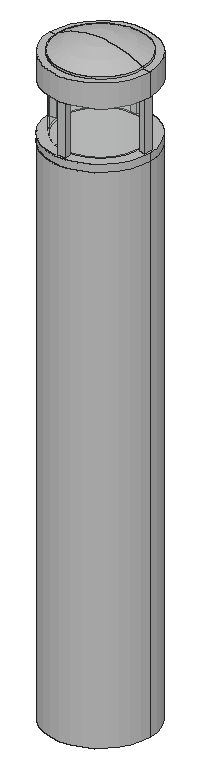
Revit family "Pavilion Round", category Lighting Fixtures, host Face, Revit 2021
Family settings
  Host = Face
  Round Connector Dimension = Use Diameter
  Part Type = Normal
  OmniClass Number = 23.80.70.14.21
  OmniClass Title = Street and Roadway Lighting
  Cut with Voids When Loaded = No
  Light Source = Yes
  Shared = No
  Room Calculation Point = No
Parameters (values of type "PA7R-CH1-12L-020-5K7")
  Wattage Comments = ""
  Wattage = 22 W
  Watt = 22 W
  built-in parameter 1150110 = 1 (stored number, unit not read)
  Voltage = 120 V
  URL = "https://www.currentlighting.com/kimlighting"
  built-in parameter 1114217 = 1 (stored number, unit not read)
  Tilt Angle = 90.00°
  built-in parameter 1150109 = 1 (stored number, unit not read)
  built-in parameter 1150134 = 2
  built-in parameter 1150113 = 1 (stored number, unit not read)
  Product Page URL = ""
  Product Documentation Link = ""
  Power Factor = 1
  Photometric Web File = "PA7R-CH1-12L-020-5K7.IES"
  Photometric Note = "More IES files download in the Photometric Web link"  # constant formula
  Optics = "Clear Horizontal Lens"
  Model = "Pavilion Round"  # constant formula
  Manufacturer = "KIM Lighting"  # constant formula
  built-in parameter 1150105 = 159.31 (stored number, unit not read)
  Lumens = 2002 lm
  built-in parameter 1150115 = 1 (stored number, unit not read)
  Load Classification = Lighting
  built-in parameter 1150137 = (empty or 0)
  built-in parameter 1150139 = (empty or 0)
  Light Engine = "22W (2000 nominal lm), 5000K, 70 CRI"
  Lens Material = Glass
  built-in parameter 1150112 = 1 (stored number, unit not read)
  built-in parameter 1150114 = 1 (stored number, unit not read)
  Lamp = "LED"  # constant formula
  built-in parameter 1150132 = (empty or 0)
  built-in parameter 1150102 = (empty or 0)
  built-in parameter 1150107 = 5000 (stored number, unit not read)
  built-in parameter 1150138 = (empty or 0)
  built-in parameter 1150106 = 1.5931 (stored number, unit not read)
  Is Flat Top [instance] = not(Is Crowned Top)  # no
  Fixture Finish = Color : Light Gray
  Emit from Circle Diameter = 5.00"  # constant formula
  Emit Shape Visible in Rendering = no
  built-in parameter 1150104 = 8.4542 (stored number, unit not read)
  Distribution = "Type I"
  Dimming Lamp Color Temperature Shift = <None>
  Description = "Pavilion redefines the bollard category with state of the art design, performance, and technology."  # constant formula
  Default Elevation = 48.00"
  Is Crowned Top [instance] = yes
  Contact us = ""
  Color Filter = 16777215
  built-in parameter 1114218 = 1 (stored number, unit not read)
  built-in parameter 1150133 = 10 (stored number, unit not read)
  Apparent Load = Watt / Power Factor  # 22 VA
Types (6): name | Photometric Web File | Optics | built-in parameter 1150105 | Lumens | Lens Material | built-in parameter 1150106 | built-in parameter 1150104 | Distribution
  (no name) | "PA7R-CH1-12L-020-5K7.IES" | "Clear Horizontal Lens" | 159.31 (stored number, unit not read) | 2002 lm | Glass | 1.5931 (stored number, unit not read) | 8.4542 (stored number, unit not read) | "Type I"
  PA7R-GC4-12L-020-5K7 | "PA7R-GC4-12L-020-5K7.IES" | "Grill with clear vertical lens" | -1174535.1 (stored number, unit not read) | 1166 lm | Glass | -11745.4 (stored number, unit not read) | 4.9239 (stored number, unit not read) | "Type IV"
  PA7R-GD5-12L-020-5K7 | "PA7R-GD5-12L-020-5K7.IES" | "Grill with diffuse vertical lens" | 85.785 (stored number, unit not read) | 1078 lm | White Glass | 0.85785 (stored number, unit not read) | 4.5522 (stored number, unit not read) | "Type V"
  PA7R-GC3-12L-020-5K7 | "PA7R-GC3-12L-020-5K7.IES" | "Grill with clear vertical lens" | 92.787 (stored number, unit not read) | 1166 lm | Glass | 0.92787 (stored number, unit not read) | 4.9239 (stored number, unit not read) | "Type III"
  PA7R-CL2-12L-020-5K7 | "PA7R-CL2-12L-020-5K7.IES" | "Clear Vertical Lens" | 178.57 (stored number, unit not read) | 2244 lm | Glass | 1.7857 (stored number, unit not read) | 9.4761 (stored number, unit not read) | "Type II"
  PA7R-CH1-12L-020-5K7 | "PA7R-CH1-12L-020-5K7.IES" | "Clear Horizontal Lens" | 159.31 (stored number, unit not read) | 2002 lm | Glass | 1.5931 (stored number, unit not read) | 8.4542 (stored number, unit not read) | "Type I"
Reference planes (in)
  plane 1 "Center (Front/Back)": y = 0
  plane 2: z = 0
  plane 3 "Center (Left/Right)": x = 0
Dimensions and locks (in)
  aligned and locked: plane 2 to host face
  aligned and locked: level to host face
  aligned and locked: plane 3 "Center (Left/Right)" to imposter light
  aligned and locked: imposter light to plane 1 "Center (Front/Back)"
  aligned and locked: plane 3 "Center (Left/Right)" to nested 1
  aligned and locked: plane 1 "Center (Front/Back)" to nested 1
Nested families (in)
  nested 1: "Color" at (0, 0, 0), type <- "Fixture Finish", Lens Filter <- "Lens Material", Crowned Top <- "Is Crowned Top", type "Light Gray"
    with Lens Filter Glass, Lens yes, Grill no, Flat Top no, Crowned Top yes
Connectors (in)
  electrical at (0, 0, 0), driven by "Voltage", driven by "Description", driven by "Load Classification", driven by "Apparent Load", driven by "Power Factor"
    settings: on nested 1, index 1, voltage 120 V, apparent load 22 VA, apparent load phase1 0 VA, apparent load phase2 0 VA, apparent load phase3 0 VA, power factor 1, load classification "Lighting", number of poles 1, system type 30, power factor state 1, is connector primary yes, connector utility no, sub classification motor no, connector description "Pavilion redefines the bollard category with state of the art design, performance, and technology."
Definition of nested family "Color"
  Parameters
    Wattage Comments = ""
    Voltage = 0 V
    URL = ""
    Product Page URL = ""
    Product Material = none
    Product Documentation Link = ""
    Model = ""
    Manufacturer Phone = ""
    Manufacturer = ""
    Lens Filter [instance] = none
    Lamp = ""
    Grill [instance] = yes
    Flat Top [instance] = not(Crowned Top)  # yes
    Dual Reflector with Cone = no
    Lens [instance] = yes
    Description = ""
    Default Elevation = 48.00"
    Crowned Top [instance] = no
    Certifications = ""
    Apparent Load = 0 VA
  Reference planes (in)
    plane 1 "Center (Front/Back)": y = 0
    plane 2: z = 0
    plane 3 "Center (Left/Right)": x = 0
    plane 4: z = 40
    plane 5: z = 36
    plane 6: z = 38
    plane 7: x = -3.5
    plane 8: x = 3.5
    plane 9: x = -3
    plane 10: x = 3
    plane 11: z = 41.7
    plane 12: z = 42.5
    plane 13: z = 36.5
  Forms (in)
    Extrusion 1, solid
      sketch origin (0, 0, 0) x (1, 0, 0) y (0, 1, 0)
        loop
          line (-48, 48) -> (-48, -48) -> (48, -48) -> (48, 48) -> (-48, 48)
      from 0 to -12
    Extrusion 2, solid, material <- "Product Material"
      sketch origin (0, 0, 0) x (1, 0, 0) y (0, 1, 0)
        loop
          circle (0, 0) r 3.5
      from 0 to 36
    Revolve 3, solid, material <- "Product Material"
      sketch origin (0, 0, 0) x (1, 0, 0) y (0, 0, 1)
        loop
          line (3, 41.58082) -> (3, 41.7) -> (0, 41.7) -> (0, 40) -> (3.5, 40) -> (3.5, 41.58082) -> (3, 41.58082)
        axis (0, 41.7) -> (0, 40)
      angle from 0 to 360
    Revolve 4, solid, material <- "Product Material", visible <- "Crowned Top"
      sketch origin (0, 0, 0) x (1, 0, 0) y (0, 0, 1)
        loop
          line (0, 41.7) -> (3, 41.7)
          arc (3, 41.7) -> (1.55242, 42.29657) -> (0, 42.5) r 6.025
          line (0, 42.5) -> (0, 41.7)
        axis (0, 42.5) -> (0, 41.7)
      angle from 0 to 360
    Extrusion 5, solid, material <- "Product Material"
      sketch origin (0, 0, 0) x (1, 0, 0) y (0, 1, 0)
        loop
          line (-0.28555, 3.34905) -> (-0.20591, 2.89739) -> (0.20591, 2.89739) -> (0.28555, 3.34905) -> (-0.28555, 3.34905)
        loop
          line (-0.28555, -3.34905) -> (0.28555, -3.34905) -> (0.20591, -2.89739) -> (-0.20591, -2.89739) -> (-0.28555, -3.34905)
        loop
          line (-3.34905, -0.28555) -> (-2.89739, -0.20591) -> (-2.89739, 0.20591) -> (-3.34905, 0.28555) -> (-3.34905, -0.28555)
        loop
          line (3.34905, -0.28555) -> (3.34905, 0.28555) -> (2.89739, 0.20591) -> (2.89739, -0.20591) -> (3.34905, -0.28555)
      from 36.5 to 40
    Extrusion 6, void
      sketch origin (0, 0, 0) x (1, 0, 0) y (0, 1, 0)
        loop
          circle (0, 0) r 2.62772
      from 40 to 40.35958
    Extrusion 7, solid, material <- "Lens Filter"
      sketch origin (0, 0, 0) x (1, 0, 0) y (0, 1, 0)
        loop
          circle (0, 0) r 2.62772
      from 40.05282 to 40.13021
    Extrusion 8, solid, material <- "Lens Filter", visible <- "Lens"
      sketch origin (0, 0, 0) x (1, 0, 0) y (0, 1, 0)
        loop
          circle (0, 0) r 2.8479
        loop
          circle (0, 0) r 2.75
      from 36.5 to 40
    Extrusion 9, solid, material <- "Product Material"
      sketch origin (0, 0, 0) x (1, 0, 0) y (0, 1, 0)
        loop
          circle (0, 0) r 3.5
      from 36 to 36.5
    Revolve 10, solid, material <- "Product Material", visible <- "Grill"
      sketch origin (0, 0, 0) x (1, 0, 0) y (0, 0, 1)
        loop
          line (3, 39.49953) -> (3, 39.34262) -> (3.25, 39.34262) -> (3.25, 39.49953) -> (3, 39.49953)
        loop
          line (3, 38.43703) -> (3, 38.28012) -> (3.25, 38.28012) -> (3.25, 38.43703) -> (3, 38.43703)
        loop
          line (3, 37.30972) -> (3, 37.15281) -> (3.25, 37.15281) -> (3.25, 37.30972) -> (3, 37.30972)
        axis (0, 39.49953) -> (0, 37.15281)
      angle from 0 to 360
  Cuts and joins
    Extrusion 6 cuts Extrusion 2
    Extrusion 6 cuts Revolve 3
  Dimensions and locks (in)
    locked: plane 4 to plane 5 at 4
    equal spacing: plane 4, plane 6, plane 5
    equal spacing: plane 7, plane 3 "Center (Left/Right)", plane 8
    equal spacing: plane 9, plane 3 "Center (Left/Right)", plane 10
    plane 5 to level = 36.00"
    plane 11 to plane 5 = 5.70"
    plane 12 to plane 5 = 6.50"
    locked: plane 13 to plane 5 at 0.5
    aligned and locked: plane 2 to Extrusion 1
    aligned and locked: level to Extrusion 1
    aligned and locked: plane 5 to Extrusion 2
    aligned and locked: Extrusion 2 to level
    aligned and locked: plane 3 "Center (Left/Right)" to Extrusion 2 sketch curve
    aligned and locked: plane 1 "Center (Front/Back)" to Extrusion 2 sketch curve
    aligned and locked: Revolve 3 sketch curve to plane 3 "Center (Left/Right)"
    aligned and locked: plane 10 to Revolve 3 sketch curve
    aligned and locked: Revolve 3 sketch curve to plane 8
    aligned and locked: plane 4 to Revolve 3 sketch curve
    aligned and locked: plane 11 to Revolve 3 sketch curve
    aligned and locked: plane 3 "Center (Left/Right)" to Revolve 3 sketch curve
    aligned and locked: Revolve 4 sketch curve to plane 3 "Center (Left/Right)"
    aligned and locked: Revolve 4 sketch curve to plane 11
    aligned and locked: plane 4 to Extrusion 5
    aligned and locked: Extrusion 6 to plane 4
    aligned and locked: plane 4 to Extrusion 8
    aligned and locked: plane 13 to Extrusion 9
    aligned and locked: Extrusion 9 to plane 5
    aligned and locked: Extrusion 5 to plane 13
    aligned and locked: Extrusion 5 to Extrusion 8
  Automatic sketch dimensions
    Extrusion 1 sketch curve to Extrusion 1 sketch curve = 96.00"  (x2)
    Revolve 3 sketch curve to plane 11 = 0.11918"
    Revolve 3 sketch curve to plane 4 = 0.65735"
    plane 12 to Revolve 3 sketch curve = 0.2573"
    Revolve 4 sketch curve to plane 10 = 0.00"
    Revolve 4 sketch curve to plane 12 = 0.00"
    Revolve 4 sketch curve to plane 3 "Center (Left/Right)" = 0.00"
    plane 6 to Revolve 4 sketch curve = 0.45"
    Revolve 4 sketch curve to Revolve 4 sketch curve = 4.20"
    Extrusion 5 sketch curve to plane 7 = 0.15095"
    Extrusion 5 sketch curve to plane 3 "Center (Left/Right)" = 0.28555"  (x2)
    plane 1 "Center (Front/Back)" to Extrusion 5 sketch curve = 3.34905"
    Extrusion 5 sketch curve to plane 9 = 0.10261"
    Extrusion 5 sketch curve to plane 3 "Center (Left/Right)" = 0.20591"  (x2)
    plane 3 "Center (Left/Right)" to Extrusion 5 sketch curve = 0.20591"  (x2)
    plane 3 "Center (Left/Right)" to Extrusion 5 sketch curve = 0.28555"  (x2)
    Extrusion 5 sketch curve to plane 10 = 0.10261"
    Extrusion 5 sketch curve to plane 8 = 0.15095"
    Extrusion 5 sketch curve to Extrusion 5 sketch curve = 0.45166"  (x2)
    plane 1 "Center (Front/Back)" to Extrusion 5 sketch curve = 0.28555"  (x2)
    plane 1 "Center (Front/Back)" to Extrusion 5 sketch curve = 0.20591"  (x2)
    Extrusion 5 sketch curve to plane 1 "Center (Front/Back)" = 0.20591"  (x2)
    Extrusion 5 sketch curve to plane 1 "Center (Front/Back)" = 0.28555"  (x2)
    Extrusion 5 sketch curve to plane 1 "Center (Front/Back)" = 2.89739"
    plane 1 "Center (Front/Back)" to Extrusion 6 sketch curve = 0.00"
    Extrusion 6 sketch curve to plane 3 "Center (Left/Right)" = 0.00"
    plane 1 "Center (Front/Back)" to Extrusion 7 sketch curve = 0.00"
    Extrusion 7 sketch curve to plane 3 "Center (Left/Right)" = 0.00"
    Extrusion 8 sketch curve to Extrusion 8 sketch curve = 0.00"  (x2)
    plane 1 "Center (Front/Back)" to Extrusion 8 sketch curve = 0.00"
    Extrusion 8 sketch curve to plane 3 "Center (Left/Right)" = 0.00"
    plane 1 "Center (Front/Back)" to Extrusion 9 sketch curve = 0.00"
    Extrusion 9 sketch curve to plane 3 "Center (Left/Right)" = 0.00"
    Revolve 10 sketch curve to plane 10 = 0.00"  (x3)
    plane 13 to Revolve 10 sketch curve = 0.65281"
    Revolve 10 sketch curve to plane 3 "Center (Left/Right)" = 0.00"
    Revolve 10 sketch curve to plane 8 = 0.25"  (x3)
    Revolve 10 sketch curve to Revolve 10 sketch curve = 0.15691"  (x3)
    plane 6 to Revolve 10 sketch curve = 0.28012"
    Revolve 10 sketch curve to plane 4 = 0.65738"
    Revolve 10 sketch curve to plane 5 = 0.58099"
    Revolve 10 sketch curve to plane 11 = 0.45047"
    radius of Extrusion 2 sketch curve = 3.50"
    radius of Extrusion 6 sketch curve = 2.62772"
    radius of Extrusion 7 sketch curve = 2.62772"
    radius of Extrusion 8 sketch curve = 2.8479"
    radius of Extrusion 8 sketch curve = 2.75"
    radius of Extrusion 9 sketch curve = 3.50"
